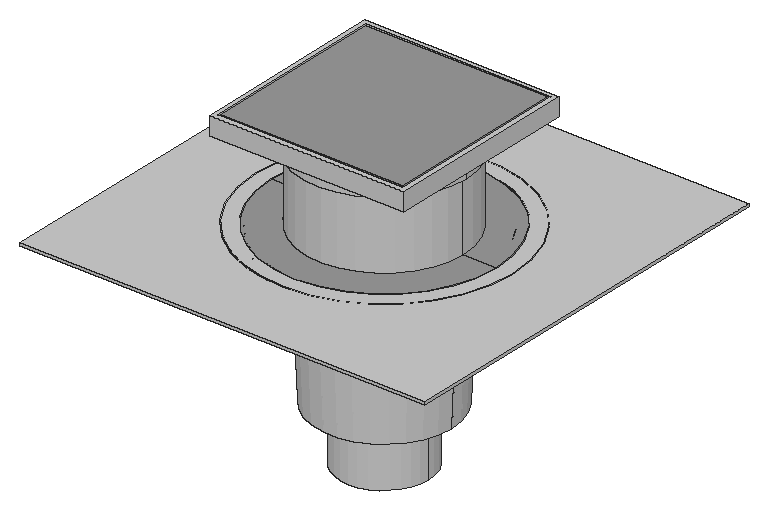
Revit family "HL_Дворовый трап серии Perfekt_HL616HSW", category Instalační zařizovací předměty, Revit 2016
Family settings
  Typ součásti = Normální
  Kóta kulaté spojky = Použít průměr
  Číslo OmniClass = 23.70.50.21.24.14
  Nadpis OmniClass = Deck Waste Water Drains
  Založené na pracovní rovině = Ne
  Vždy vertikální = Ano
  Ořezat dutým tvarem při načtení = Ne
  Sdílené = Ne
  Bod výpočtu místnosti = Ano
Parameters (values of type "HL_Дворовый трап серии Perfekt_HL616HSW_1")
  РЕШЁТКА = "Edelstahl 226 x 226 mm"
  РАЗМЕР = "DN110"
  ПРОПУСКНАЯ СПОСОБНОСТЬ [instance] = 0.0 L/s
  ПРОИЗВОДИТЕЛЬНОСТЬ = "2,1 l/s"
  ПРАВОВАЯ ИНФОРМАЦИЯ = "\"Авторские права(©), права на дизайн или какие либо другие права интелектуальной собственности являются исключительной собственностью компании HL Hutterer & Lechner. Изменению не подлежит. Файл семейства с данными о прозводителе изделия защищен паролем с водяным знаком.\""
  НОМИНАЛЬНЫЙ ДИАМЕТР = 110 mm
  НАСАДКА = "42-130 mm/240 x 240 mm"
  МАТЕРИАЛ = "PP"
  МАКСИМАЛЬНАЯ НАГРУЗКА КЛАССА = "L - 1,5 t"
  ВЫСОТА МОНТАЖА = "239 mm"
  ВЕС = "4,41 kg"
  Výrobce = "HL Hutterer & Lechner GmbH"
  URL = "http://www.hutterer-lechner.com/ru/products/catalog/roof-drains/HL616HSW/1.aspx"
  Материал плитка [instance] = none
  Připojení ventilace = no
  Připojení odpadu = yes
  Připojení HW = no
  Připojení CW = no
  Popis = "Дворовый трап серии Perfekt DN110 вертикальный"
  Model = "HL616HSW/1"
  Assembly Code = " "
  Komentáře k typům = "Дворовый трап серии Perfekt DN110 вертикальный с битумным полотном, 240х240мм ПП/226х226мм нержавеющая сталь с водяным затвором."
  Keynote = "HL616HSW/1"
  IH [instance] = Высота монтажа 1 + Высота монтажа 2  # 130 mm
  Высота монтажа 2 [instance] = 0 mm
  Высота монтажа 1 [instance] = 130 mm
  G [instance] = 180.00°  # constant formula
  EAN = "9003076011599"
  D [instance] = IH + 165 mm  # 295 mm
  C [instance] = if(IH - 68 mm < 0 mm, 0 mm, IH - 68 mm)  # 62 mm
  B [instance] = 100 mm
  A [instance] = if(B - 100 mm > 15 mm, B - 100 mm, 15 mm)  # 15 mm
Types (3, lengths in mm): name | РАЗМЕР | НОМИНАЛЬНЫЙ ДИАМЕТР | ВЕС | URL | Popis | Model | Komentáře k typům | Keynote | EAN
  (no name) | "DN110" | 110 | "4,41 kg" | "http://www.hutterer-lechner.com/en/products/catalog/roof-drains/HL616HSW/1.aspx" | 0 | "HL616HSW/1" | "perfect-drain DN110 vertical with bitumen membrane, 240x240mm plastic/226x226mm stainless steel with trap seal" | "HL616HSW/1" | "9003076011599"
  HL_Дворовый трап серии Perfekt_HL616HSW_1 | "DN110" | 110 | "4,41 kg" | "http://www.hutterer-lechner.com/ru/products/catalog/roof-drains/HL616HSW/1.aspx" | "Дворовый трап серии Perfekt DN110 вертикальный" | "HL616HSW/1" | "Дворовый трап серии Perfekt DN110 вертикальный с битумным полотном, 240х240мм ПП/226х226мм нержавеющая сталь с водяным затвором." | "HL616HSW/1" | "9003076011599"
  HL_Дворовый трап серии Perfekt_HL616HSW_5 | "DN160" | 160 | "4,415 kg" | "http://www.hutterer-lechner.com/ru/products/catalog/roof-drains/HL616HSW/5.aspx" | "Дворовый трап серии Perfekt DN160 вертикальный" | "HL616HSW/5" | "Дворовый трап серии Perfekt DN160 вертикальный с битумным полотном, 240х240мм ПП/226х226мм нержавеющая сталь с водяным затвором." | "HL616HSW/5" | "9003076011629"
Values of the unnamed type that differ from the named types
  ПРАВОВАЯ ИНФОРМАЦИЯ = "\"Copyright (©), design rights or any other intellectual property rights, shall be the exclusive property of HL Hutterer & Lechner GmbH. Modification is not allowed. Family has been watermarked.\""
Reference planes
  plane 1 "Center (Front/Back)": y = 0
  plane 2: z = 0
  plane 3 "Center (Left/Right)": x = 0
  plane 4: z = -100
  plane 5: z = -130
  plane 6: z = -130
Lines and regions (mm)
  model lines, style "InvisibleLines"
    curve 1: line (0, 0, 0) -> (0, 0, 20)
  model lines, style "PlumbingFixtures", detail levels coarse+medium
    curve 2: line (0, 0, -100) -> (0, 0, -85)
    curve 3: line (0, 0, -85) -> (-85, 0, 0)
    curve 4: line (0, 0, -85) -> (85, 0, 0)
    curve 6: line (0, 0, -100) -> (0, 0, -395)
  reference lines, not visible
    curve 5: line (0, 0, -100) -> (0, 0, -395)
  symbolic lines, style "PlumbingFixtures", detail levels coarse+medium
    curve 7: line (-75, 75, 0) -> (75, 75, 0)
    curve 8: line (-75, -75, 0) -> (-75, 75, 0)
    curve 9: line (75, -75, 0) -> (-75, -75, 0)
    curve 10: line (75, 75, 0) -> (75, -75, 0)
    curve 11: line (-75, 75, 0) -> (-145.711, 145.711, 0)
    curve 12: line (75, 75, 0) -> (145.711, 145.711, 0)
    curve 13: line (-75, -75, 0) -> (-145.711, -145.711, 0)
    curve 14: line (75, -75, 0) -> (145.711, -145.711, 0)
  symbolic lines, style "PlumbingFixtures", not visible, detail levels coarse+medium
    curve 15: line (-75, 75, 0) -> (75, 75, 0)
    curve 16: line (-75, -75, 0) -> (-75, 75, 0)
    curve 17: line (75, -75, 0) -> (-75, -75, 0)
    curve 18: line (75, 75, 0) -> (75, -75, 0)
    curve 19: line (-75, 75, 0) -> (-145.711, 145.711, 0)
    curve 20: line (75, 75, 0) -> (145.711, 145.711, 0)
    curve 21: line (-75, -75, 0) -> (-145.711, -145.711, 0)
    curve 22: line (75, -75, 0) -> (145.711, -145.711, 0)
Text (mm)
  text "FLOOR" at (-162.344, 0, -10.979), in view "Слева"
Dimensions and locks
  "B": plane 2 to plane 4
  "IH": plane 2 to plane 5
  "A": curve 4 to plane 4
  "D": curve 5 to curve 5
  "D": curve 6 to curve 6
  "Высота монтажа 1": plane 2 to plane 6
  locked: curve 4 to plane 3 "Center (Left/Right)" (angle 45.00°)
  locked: plane 3 "Center (Left/Right)" to curve 3 (angle 45.00°)
  "G": angle curve 5 to plane 3 "Center (Left/Right)"
  aligned and locked: level to plane 2
  aligned and locked: plane 2 to curve 4
  aligned and locked: plane 2 to curve 3
  aligned and locked: plane 4 to curve 5
  aligned and locked: plane 3 "Center (Left/Right)" to curve 5
  aligned and locked: plane 4 to curve 2
  aligned and locked: plane 3 "Center (Left/Right)" to curve 6
  aligned and locked: plane 4 to curve 6
  aligned and locked: nested 1 to plane 3 "Center (Left/Right)"
  aligned and locked: nested 1 to plane 5
  aligned and locked: plane 3 "Center (Left/Right)" to nested 2
  aligned and locked: plane 2 to nested 2
  aligned and locked: plane 3 "Center (Left/Right)" to nested 3
  aligned and locked: nested 3 to nested 2
  aligned and locked: nested 4 to plane 3 "Center (Left/Right)"
  aligned and locked: nested 1 to nested 4
Automatic sketch dimensions
  curve 2 to plane 3 "Center (Left/Right)" = 0 mm
  curve 1 to plane 3 "Center (Left/Right)" = 0 mm
  curve 1 to level = 0 mm
  curve 1 to curve 1 = 20 mm
Nested families
  nested 1: "HL-кровельные воронки - корпус-HL616KH" at (0, 0, -129.974), type "HL-кровельные воронки - корпус-HL616KH_1"
  nested 2: "HL-Надставные элементы-HL622" at (0, 0, 0), Высота монтажа <- "Высота монтажа 1", type "HL-Надставные элементы-HL622"
    with Высота монтажа 130 mm, a 100 mm, Ihmin 42 mm, Ihmax 130 mm
  nested 3: "HL-Песколовка-HL0606.2E" at (0, 0, -22.999), type "HL-Песколовка-HL0606.2E"
  nested 4: "HL-Вкладыш запахозапирающий-HL0605.2E" at (0, 0, -190.474), type "HL-Вкладыш запахозапирающий-HL0605.2E"
Connectors
  piping at (0, 0, -395), diameter 110, driven by "ПРОПУСКНАЯ СПОСОБНОСТЬ", driven by "НОМИНАЛЬНЫЙ ДИАМЕТР"
    settings: on curve 5, index 1, connector inside diameter 609.6 mm, connector length 0 mm, flow factor 0, pipe flow 0.0 L/s, pressure drop 0.0 Pa, fitting loss kfactor 0, connector angle 0.00°, fixture units 0, engagement length 0 mm, angle of deflection 0.00°, flow configuration 1, flow direction 2, fitting loss method 0, system type 16, joint type 0, gender type 0, connector reference index -1, connector utility 0, adjustable connector yes, is connector primary yes, connector description ""
Definition of nested family "HL-кровельные воронки - корпус-HL616KH"
  Parameters
    РАЗМЕР = ""
    ПРАВОВАЯ ИНФОРМАЦИЯ = ""
    НОМИНАЛЬНЫЙ ДИАМЕТР = 110 mm
    МАТЕРИАЛ = ""
    ВЫСОТА МОНТАЖА = ""
    ВЕС = ""
    a = if(НОМИНАЛЬНЫЙ ДИАМЕТР = 11 mm, 62 mm, 67 mm)  # 67 mm
    Height = 0 mm
    Manufacturer = ""
    URL = ""
    Description = ""
    ND = НОМИНАЛЬНЫЙ ДИАМЕТР / 2  # 55 mm
    Model = ""
    материал 3 = none
    материал 2 = none
    материал = none
    Type Comments = ""
    Keynote = ""
    EAN = ""
    Cost = 0
  Types (3, lengths in mm): name | РАЗМЕР | ПРАВОВАЯ ИНФОРМАЦИЯ | МАТЕРИАЛ | ВЫСОТА МОНТАЖА | ВЕС | Manufacturer | URL | Description | Model | Type Comments | Keynote | EAN
    (no name) | "" | "" | "" | "" | "" | "" | "" | "" | "" | "" | "" | ""
    HL-кровельные воронки - корпус-HL616KH_1 | "DN110" | "\"Авторские права(©), права на дизайн или какие либо другие права интелектуальной собственности являются исключительной собственностью компании HL Hutterer & Lechner. Изменению не подлежит. Файл семейства с данными о прозводителе изделия защищен паролем с водяным знаком.\"" | "PP" | "197 mm" | "1,952 kg" | "HL Hutterer & Lechner GmbH" | "http://www.hutterer-lechner.com/ru/products/catalog/roof-drains/HL616KH/1.aspx" | "Дворовый трап серии Perfekt DN110 вертикальный" | "HL616KH/1" | "Корпус дворового трапа серии Perfekt DN110 вертикальный с битумным полотном." | "HL616KH/1" | "9003076012916"
    HL-кровельные воронки - корпус-HL616KH_5 | "DN160" | "\"Авторские права(©), права на дизайн или какие либо другие права интелектуальной собственности являются исключительной собственностью компании HL Hutterer & Lechner. Изменению не подлежит. Файл семейства с данными о прозводителе изделия защищен паролем с водяным знаком.\"" | "PP" | "197 mm" | "1,945 kg" | "HL Hutterer & Lechner GmbH" | "http://www.hutterer-lechner.com/ru/products/catalog/roof-drains/HL616KH/5.aspx" | "Дворовый трап серии Perfekt DN160 вертикальный" | "HL616KH/5" | "Корпус дворового трапа серии Perfekt DN160 вертикальный с битумным полотном." | "HL616KH/5" | "9003076012930"
  Reference planes
    plane 1 "Střed (vpředu/vzadu)": y = 0
    plane 2: z = 0
    plane 3 "Střed (vlevo/vpravo)": x = 0
    plane 4: z = -198
  Forms (mm)
    Revolve 1, solid, material <- "материал", detail levels fine
      sketch origin (0, 0, 0) x (1, 0, 0) y (0, 0, 1)
        loop
          line (158.746, -0.026) -> (145.781, -3.5) -> (135.781, -3.5) -> (134.096, -9.367) -> (127.541, -9.367) -> (127.541, -3.5) -> (99.151, -3.5) -> (99.151, -25.5) -> (90, -25.5) -> (90, -60.5) -> (85.551, -60.5) -> (79.463, -194) -> (51.105, -194) -> (51.105, -198) -> (83.393, -198) -> (89.481, -64.5) -> (94.013, -64.5) -> (94.013, -34.2) -> (103.091, -34.2) -> (103.091, -12.303) -> (134.671, -12.303)
          arc (134.671, -12.303) -> (136.701, -11.463) -> (137.542, -9.433) r 2.871
          line (137.542, -9.433) -> (137.542, -6.409) -> (146.262, -6.409) -> (158.746, -3.064) -> (158.746, -0.026)
        axis (0, -198) -> (0, -0.026)
      angle from 0 to 360
    Revolve 2, solid, material <- "материал", detail levels fine
      sketch origin (0, 0, 0) x (1, 0, 0) y (0, 0, 1)
        loop
          line (0, -198) -> (0, -265) -> (55, -265) -> (55, -198) -> (0, -198)
        axis (0, -198) -> (0, -265)
      angle from 0 to 360
    Extrusion 3, solid, detail levels fine
      sketch origin (0, 0, 0) x (1, 0, 0) y (0, 1, 0)
        loop
          line (250, 250) -> (-250, 250) -> (-250, -250) -> (250, -250) -> (250, 250)
        loop
          circle (0, 0) r 140
      from -3.5 to -0.026
    Revolve 4, solid, material <- "материал 2", detail levels fine
      sketch origin (0, 0, 0) x (1, 0, 0) y (0, 0, 1)
        loop
          line (-98.482, -0.026) -> (-139.232, -0.026) -> (-139.232, -3.064) -> (-98.482, -3.064) -> (-98.482, -0.026)
        axis (0, -3.064) -> (0, -0.026)
      angle from 0 to 360
  Dimensions and locks
    locked: plane 2 to plane 4 at 198
    "ND": Revolve 2 sketch curve to plane 3 "Střed (vlevo/vpravo)"
    "a": plane 4 to Revolve 2 sketch curve
    aligned and locked: level to plane 2
  Automatic sketch dimensions
    Revolve 1 sketch curve to plane 3 "Střed (vlevo/vpravo)" = 0 mm
    Revolve 1 sketch curve to plane 4 = 0 mm
    plane 4 to Revolve 1 sketch curve = 4 mm
    plane 3 "Střed (vlevo/vpravo)" to Revolve 1 sketch curve = 51.105 mm
    Revolve 1 sketch curve to Revolve 1 sketch curve = 28.358 mm
    Revolve 1 sketch curve to Revolve 1 sketch curve = 3.93 mm  (x2)
    plane 3 "Střed (vlevo/vpravo)" to Revolve 1 sketch curve = 85.551 mm
    Revolve 1 sketch curve to Revolve 1 sketch curve = 0.519 mm
    Revolve 1 sketch curve to Revolve 1 sketch curve = 4.013 mm
    Revolve 1 sketch curve to level = 3.5 mm  (x2)
    Revolve 1 sketch curve to Revolve 1 sketch curve = 9.151 mm
    Revolve 1 sketch curve to Revolve 1 sketch curve = 3.941 mm
    Revolve 1 sketch curve to Revolve 1 sketch curve = 24.449 mm
    Revolve 1 sketch curve to Revolve 1 sketch curve = 6.555 mm
    Revolve 1 sketch curve to Revolve 1 sketch curve = 0.575 mm
    Revolve 1 sketch curve to Revolve 1 sketch curve = 1.11 mm
    Revolve 1 sketch curve to Revolve 1 sketch curve = 1.761 mm
    Revolve 1 sketch curve to Revolve 1 sketch curve = 8.239 mm
    Revolve 1 sketch curve to Revolve 1 sketch curve = 0.481 mm
    Revolve 1 sketch curve to level = 0.026 mm
    Revolve 1 sketch curve to Revolve 1 sketch curve = 12.965 mm
    Revolve 1 sketch curve to Revolve 1 sketch curve = 61 mm
    Revolve 1 sketch curve to Revolve 1 sketch curve = 4 mm
    Revolve 1 sketch curve to Revolve 1 sketch curve = 26.3 mm
    Revolve 1 sketch curve to Revolve 1 sketch curve = 8.7 mm
    Revolve 1 sketch curve to Revolve 1 sketch curve = 8.804 mm
    Revolve 1 sketch curve to Revolve 1 sketch curve = 0.066 mm
    Revolve 1 sketch curve to Revolve 1 sketch curve = 3.024 mm
    Revolve 1 sketch curve to Revolve 1 sketch curve = 3.038 mm
    level to Revolve 1 sketch curve = 9.5 mm
    Revolve 1 sketch curve to Revolve 1 sketch curve = 50 mm
    Revolve 4 sketch curve to plane 3 "Střed (vlevo/vpravo)" = 0 mm
    Revolve 4 sketch curve to level = 0.026 mm
    Revolve 4 sketch curve to plane 3 "Střed (vlevo/vpravo)" = 98.482 mm
    Revolve 4 sketch curve to Revolve 4 sketch curve = 40.749 mm
    Revolve 4 sketch curve to Revolve 4 sketch curve = 3.038 mm
    level to Revolve 4 sketch curve = 24.974 mm
    Revolve 4 sketch curve to Revolve 4 sketch curve = 22.61 mm
    plane 1 "Střed (vpředu/vzadu)" to Extrusion 3 sketch curve = 0 mm
    Extrusion 3 sketch curve to plane 3 "Střed (vlevo/vpravo)" = 0 mm
    Extrusion 3 sketch curve to plane 3 "Střed (vlevo/vpravo)" = 250 mm
    plane 3 "Střed (vlevo/vpravo)" to Extrusion 3 sketch curve = 250 mm
    plane 1 "Střed (vpředu/vzadu)" to Extrusion 3 sketch curve = 250 mm
    Extrusion 3 sketch curve to plane 1 "Střed (vpředu/vzadu)" = 250 mm
    Revolve 2 sketch curve to plane 3 "Střed (vlevo/vpravo)" = 0 mm  (x2)
    Revolve 2 sketch curve to plane 4 = 0 mm
    Revolve 2 sketch curve to Revolve 2 sketch curve = 15 mm
    Revolve 2 sketch curve to Revolve 2 sketch curve = 25 mm
    radius of Extrusion 3 sketch curve = 140 mm
Definition of nested family "HL-Надставные элементы-HL622"
  Parameters
    РЕШЁТКА = ""
    РАЗМЕР = ""
    ПРАВОВАЯ ИНФОРМАЦИЯ = ""
    НАСАДКА = ""
    МАТЕРИАЛ = ""
    МАКСИМАЛЬНАЯ НАГРУЗКА КЛАССА = ""
    ВЫСОТА МОНТАЖА = ""
    ВЕС = ""
    a [instance] = if(Высота монтажа < Ihmin, -10 mm, if(Высота монтажа > Ihmax, -10 mm, Высота монтажа - 30 mm))  # 100 mm
    Manufacturer = ""
    URL = ""
    Description = ""
    Model = ""
    материал 2 = none
    материал = none
    Type Comments = ""
    Keynote = ""
    Высота монтажа [instance] = 130 mm
    Ihmin [instance] = 42 mm
    Ihmax [instance] = 130 mm
    EAN = ""
    Cost = 0
  Types (2, lengths in mm): name | РЕШЁТКА | РАЗМЕР | ПРАВОВАЯ ИНФОРМАЦИЯ | НАСАДКА | МАТЕРИАЛ | МАКСИМАЛЬНАЯ НАГРУЗКА КЛАССА | ВЫСОТА МОНТАЖА | ВЕС | Manufacturer | URL | Description | Model | Type Comments | Keynote | EAN
    (no name) | "" | "" | "" | "" | "" | "" | "" | "" | "" | "" | "" | "" | "" | "" | ""
    HL-Надставные элементы-HL622 | "Edelstahl 226x226mm" | "d 195mm" | "\"Авторские права(©), права на дизайн или какие либо другие права интелектуальной собственности являются исключительной собственностью компании HL Hutterer & Lechner. Изменению не подлежит. Файл семейства с данными о прозводителе изделия защищен паролем с водяным знаком.\"" | "240x240mm" | "PP, Edelstahl (V2A)" | "L - 1,5 t" | "144 mm" | "2,22 [kg]" | "HL Hutterer & Lechner GmbH" | "http://www.hutterer-lechner.com/ru/products/catalog/roof-drains/HL622.aspx" | "Надставные элементы" | "HL622" | "Насадка d 195мм/240х240мм/226х226мм высококачественная сталь" | "HL622" | "9003076014705"
  Reference planes
    plane 1 "Střed (vpředu/vzadu)": y = 0
    plane 2: z = 0
    plane 3 "Střed (vlevo/vpravo)": x = 0
    plane 4: z = -45
    plane 5: z = -145
  Forms (mm)
    Extrusion 1, solid, material <- "материал", detail levels fine
      sketch origin (0, 0, 0) x (1, 0, 0) y (0, 1, 0)
        loop
          line (-112.5, 112.5) -> (-112.5, -112.5) -> (112.5, -112.5) -> (112.5, 112.5) -> (-112.5, 112.5)
      from 0 to -20
    Extrusion 2, solid, material <- "материал 2", detail levels fine
      sketch origin (0, 0, 0) x (1, 0, 0) y (0, 1, 0)
        loop
          line (114.5, -114.5) -> (114.5, 114.5) -> (-114.5, 114.5) -> (-114.5, -114.5) -> (114.5, -114.5)
        loop
          line (-120, 120) -> (-120, -120) -> (120, -120) -> (120, 120) -> (-120, 120)
      from 0 to -20
    Extrusion 3, solid, material <- "материал 2", detail levels fine
      sketch origin (0, 0, 0) x (1, 0, 0) y (0, 1, 0)
        loop
          line (120, -120) -> (120, 120) -> (-120, 120) -> (-120, -120) -> (120, -120)
      from -20 to -23
    Revolve 4, solid, material <- "материал 2", detail levels fine
      sketch origin (0, 0, 0) x (1, 0, 0) y (0, 0, 1)
        loop
          line (0, -23) -> (-101.5, -23) -> (-101.5, -45) -> (0, -45) -> (0, -23)
        axis (0, -45) -> (0, -23)
      angle from 0 to 360
    Revolve 5, solid, material <- "материал 2", detail levels fine
      sketch origin (0, 0, 0) x (1, 0, 0) y (0, 0, 1)
        loop
          line (0, -45) -> (0, -145) -> (97.213, -145) -> (97.213, -45) -> (0, -45)
        axis (0, -45) -> (0, -145)
      angle from 0 to 360
  Cuts and joins
    joined: Extrusion 2, Extrusion 3
  Lines and regions (mm)
    model lines, detail levels fine
      curve 1: line (10.96, 46.315, 0) -> (45.608, 80.964, 0)
      curve 2: line (56.215, 70.357, 0) -> (21.567, 35.709, 0)
      curve 3: line (35.709, 21.567, 0) -> (70.357, 56.215, 0)
      curve 4: line (80.964, 45.608, 0) -> (46.315, 10.96, 0)
      curve 5: line (92, 7.5, 0) -> (72.5, 7.5, 0)
      curve 6: line (92, -7.5, 0) -> (72.5, -7.5, 0)
      curve 7: arc (92, -7.5, 0) -> (99.5, 0, 0) -> (92, 7.5, 0) r 7.5
      curve 8: arc (72.5, -7.5, 0) -> (65, 0, 0) -> (72.5, 7.5, 0) r 7.5
      curve 9: arc (80.964, 45.608, 0) -> (80.964, 56.215, 0) -> (70.357, 56.215, 0) r 7.5
      curve 10: arc (56.215, 70.357, 0) -> (56.215, 80.964, 0) -> (45.608, 80.964, 0) r 7.5
      curve 11: arc (21.567, 35.709, 0) -> (10.96, 35.709, 0) -> (10.96, 46.315, 0) r 7.5
      curve 12: arc (46.315, 10.96, 0) -> (35.709, 10.96, 0) -> (35.709, 21.567, 0) r 7.5
      curve 13: line (7.5, 92, 0) -> (7.5, 72.5, 0)
      curve 14: line (-7.5, 92, 0) -> (-7.5, 72.5, 0)
      curve 15: arc (-7.5, 92, 0) -> (0, 99.5, 0) -> (7.5, 92, 0) r 7.5
      curve 16: arc (-7.5, 72.5, 0) -> (0, 65, 0) -> (7.5, 72.5, 0) r 7.5
      curve 17: line (7.5, -92, 0) -> (7.5, -72.5, 0)
      curve 18: line (-7.5, -92, 0) -> (-7.5, -72.5, 0)
      curve 19: arc (-7.5, -92, 0) -> (0, -99.5, 0) -> (7.5, -92, 0) r 7.5
      curve 20: arc (-7.5, -72.5, 0) -> (0, -65, 0) -> (7.5, -72.5, 0) r 7.5
      curve 21: line (92, -7.5, 0) -> (72.5, -7.5, 0)
      curve 22: line (92, 7.5, 0) -> (72.5, 7.5, 0)
      curve 23: arc (92, 7.5, 0) -> (99.5, 0, 0) -> (92, -7.5, 0) r 7.5
      curve 24: arc (72.5, 7.5, 0) -> (65, 0, 0) -> (72.5, -7.5, 0) r 7.5
      curve 25: line (-92, -7.5, 0) -> (-72.5, -7.5, 0)
      curve 26: arc (-92, -7.5, 0) -> (-99.5, 0, 0) -> (-92, 7.5, 0) r 7.5
      curve 27: arc (-72.5, -7.5, 0) -> (-65, 0, 0) -> (-72.5, 7.5, 0) r 7.5
      curve 28: line (-92, -7.5, 0) -> (-72.5, -7.5, 0)
      curve 29: line (-92, 7.5, 0) -> (-72.5, 7.5, 0)
      curve 30: arc (-92, 7.5, 0) -> (-99.5, 0, 0) -> (-92, -7.5, 0) r 7.5
      curve 31: arc (-72.5, 7.5, 0) -> (-65, 0, 0) -> (-72.5, -7.5, 0) r 7.5
      curve 32: line (-10.96, 46.315, 0) -> (-45.608, 80.964, 0)
      curve 33: line (-56.215, 70.357, 0) -> (-21.567, 35.709, 0)
      curve 34: line (-35.709, 21.567, 0) -> (-70.357, 56.215, 0)
      curve 35: line (-80.964, 45.608, 0) -> (-46.315, 10.96, 0)
      curve 36: arc (-80.964, 45.608, 0) -> (-80.964, 56.215, 0) -> (-70.357, 56.215, 0) r 7.5
      curve 37: arc (-56.215, 70.357, 0) -> (-56.215, 80.964, 0) -> (-45.608, 80.964, 0) r 7.5
      curve 38: arc (-21.567, 35.709, 0) -> (-10.96, 35.709, 0) -> (-10.96, 46.315, 0) r 7.5
      curve 39: arc (-46.315, 10.96, 0) -> (-35.709, 10.96, 0) -> (-35.709, 21.567, 0) r 7.5
      curve 40: line (10.96, -46.315, 0) -> (45.608, -80.964, 0)
      curve 41: line (56.215, -70.357, 0) -> (21.567, -35.709, 0)
      curve 42: line (35.709, -21.567, 0) -> (70.357, -56.215, 0)
      curve 43: line (80.964, -45.608, 0) -> (46.315, -10.96, 0)
      curve 44: arc (80.964, -45.608, 0) -> (80.964, -56.215, 0) -> (70.357, -56.215, 0) r 7.5
      curve 45: arc (56.215, -70.357, 0) -> (56.215, -80.964, 0) -> (45.608, -80.964, 0) r 7.5
      curve 46: arc (21.567, -35.709, 0) -> (10.96, -35.709, 0) -> (10.96, -46.315, 0) r 7.5
      curve 47: arc (46.315, -10.96, 0) -> (35.709, -10.96, 0) -> (35.709, -21.567, 0) r 7.5
      curve 48: line (-10.96, -46.315, 0) -> (-45.608, -80.964, 0)
      curve 49: line (-56.215, -70.357, 0) -> (-21.567, -35.709, 0)
      curve 50: line (-35.709, -21.567, 0) -> (-70.357, -56.215, 0)
      curve 51: line (-80.964, -45.608, 0) -> (-46.315, -10.96, 0)
      curve 52: arc (-80.964, -45.608, 0) -> (-80.964, -56.215, 0) -> (-70.357, -56.215, 0) r 7.5
      curve 53: arc (-56.215, -70.357, 0) -> (-56.215, -80.964, 0) -> (-45.608, -80.964, 0) r 7.5
      curve 54: arc (-21.567, -35.709, 0) -> (-10.96, -35.709, 0) -> (-10.96, -46.315, 0) r 7.5
      curve 55: arc (-46.315, -10.96, 0) -> (-35.709, -10.96, 0) -> (-35.709, -21.567, 0) r 7.5
  Dimensions and locks
    plane 2 to plane 4 = 45 mm
    "a": plane 4 to Revolve 5 sketch curve
    plane 2 to plane 5 = 145 mm
    aligned and locked: level to plane 2
    aligned and locked: plane 4 to Revolve 5 sketch curve
  Automatic sketch dimensions
    curve 7 to curve 23 = 0 mm  (x2)
    curve 8 to curve 24 = 0 mm  (x2)
    curve 26 to curve 30 = 0 mm  (x2)
    curve 27 to curve 31 = 0 mm  (x2)
    plane 1 "Střed (vpředu/vzadu)" to curve 26 = 0 mm
    curve 16 to plane 3 "Střed (vlevo/vpravo)" = 0 mm
    curve 20 to plane 3 "Střed (vlevo/vpravo)" = 0 mm
    plane 1 "Střed (vpředu/vzadu)" to curve 24 = 0 mm
    curve 18 to plane 3 "Střed (vlevo/vpravo)" = 7.5 mm
    curve 14 to plane 3 "Střed (vlevo/vpravo)" = 7.5 mm
    curve 32 to plane 3 "Střed (vlevo/vpravo)" = 10.96 mm
    curve 48 to plane 3 "Střed (vlevo/vpravo)" = 10.96 mm
    curve 54 to curve 54 = 5.303 mm  (x2)
    curve 38 to curve 38 = 5.303 mm  (x2)
    curve 49 to curve 54 = 5.303 mm
    curve 33 to curve 38 = 5.303 mm
    curve 34 to curve 33 = 14.142 mm
    curve 50 to curve 49 = 14.142 mm
    curve 39 to curve 34 = 5.303 mm
    curve 55 to curve 50 = 5.303 mm
    curve 48 to curve 20 = 38.108 mm
    curve 32 to curve 14 = 38.108 mm
    curve 35 to plane 1 "Střed (vpředu/vzadu)" = 10.96 mm
    curve 35 to curve 39 = 5.303 mm
    plane 1 "Střed (vpředu/vzadu)" to curve 51 = 10.96 mm
    curve 51 to curve 55 = 5.303 mm
    curve 53 to curve 48 = 5.303 mm
    curve 37 to curve 32 = 5.303 mm
    curve 49 to curve 53 = 5.303 mm
    curve 33 to curve 37 = 5.303 mm  (x2)
    curve 34 to curve 37 = 14.142 mm
    curve 50 to curve 53 = 14.142 mm
    curve 27 to curve 39 = 26.185 mm
    curve 36 to curve 34 = 5.303 mm
    curve 52 to curve 50 = 5.303 mm
    curve 35 to plane 1 "Střed (vpředu/vzadu)" = 45.608 mm
    curve 35 to curve 36 = 5.303 mm  (x2)
    plane 1 "Střed (vpředu/vzadu)" to curve 51 = 45.608 mm
    curve 51 to curve 52 = 5.303 mm
    plane 1 "Střed (vpředu/vzadu)" to curve 28 = 7.5 mm
    curve 28 to curve 25 = 19.5 mm
    plane 3 "Střed (vlevo/vpravo)" to curve 1 = 10.96 mm
    plane 3 "Střed (vlevo/vpravo)" to curve 40 = 10.96 mm
    curve 11 to curve 11 = 5.303 mm
    curve 46 to curve 46 = 5.303 mm  (x2)
    curve 11 to curve 2 = 5.303 mm
    curve 46 to curve 41 = 5.303 mm
    curve 2 to curve 3 = 14.142 mm
    curve 41 to curve 42 = 14.142 mm  (x3)
    curve 42 to curve 47 = 5.303 mm
    curve 3 to curve 12 = 5.303 mm
    curve 13 to curve 1 = 38.108 mm
    curve 17 to curve 40 = 38.108 mm
    plane 1 "Střed (vpředu/vzadu)" to curve 43 = 10.96 mm
    curve 47 to curve 43 = 5.303 mm
    curve 4 to plane 1 "Střed (vpředu/vzadu)" = 10.96 mm
    curve 12 to curve 4 = 5.303 mm
    curve 1 to curve 10 = 5.303 mm
    curve 40 to curve 45 = 5.303 mm
    curve 45 to curve 41 = 5.303 mm  (x2)
    curve 10 to curve 2 = 5.303 mm
    curve 10 to curve 3 = 14.142 mm
    curve 43 to curve 24 = 26.185 mm
    curve 42 to curve 44 = 5.303 mm
    curve 3 to curve 9 = 5.303 mm
    plane 1 "Střed (vpředu/vzadu)" to curve 43 = 45.608 mm
    curve 44 to curve 43 = 5.303 mm
    curve 4 to plane 1 "Střed (vpředu/vzadu)" = 45.608 mm
    curve 9 to curve 4 = 5.303 mm
    curve 5 to plane 1 "Střed (vpředu/vzadu)" = 7.5 mm
    curve 22 to curve 5 = 19.5 mm
    plane 1 "Střed (vpředu/vzadu)" to curve 48 = 46.315 mm
    curve 48 to curve 40 = 0 mm
    curve 52 to curve 52 = 5.303 mm
    curve 44 to curve 44 = 5.303 mm
    curve 49 to curve 50 = 14.142 mm
    curve 17 to curve 40 = 26.185 mm
    curve 53 to curve 49 = 5.303 mm
    curve 17 to curve 20 = 19.5 mm
    curve 42 to curve 47 = 10.607 mm
    curve 50 to curve 51 = 10.607 mm
    curve 4 to curve 12 = 5.303 mm
    curve 39 to curve 39 = 5.303 mm
    curve 39 to curve 33 = 14.142 mm
    curve 12 to curve 2 = 14.142 mm
    curve 2 to curve 11 = 5.303 mm
    curve 9 to curve 9 = 5.303 mm
    curve 3 to curve 2 = 14.142 mm
    curve 36 to curve 33 = 14.142 mm
    curve 11 to curve 13 = 26.185 mm
    curve 2 to curve 10 = 5.303 mm
    curve 14 to curve 14 = 19.5 mm
    Extrusion 1 sketch curve to plane 3 "Střed (vlevo/vpravo)" = 112.5 mm
    plane 3 "Střed (vlevo/vpravo)" to Extrusion 1 sketch curve = 112.5 mm
    plane 1 "Střed (vpředu/vzadu)" to Extrusion 1 sketch curve = 112.5 mm
    Extrusion 1 sketch curve to plane 1 "Střed (vpředu/vzadu)" = 112.5 mm
    Extrusion 2 sketch curve to plane 3 "Střed (vlevo/vpravo)" = 120 mm
    Extrusion 2 sketch curve to Extrusion 2 sketch curve = 5.5 mm  (x4)
    plane 3 "Střed (vlevo/vpravo)" to Extrusion 2 sketch curve = 114.5 mm
    plane 1 "Střed (vpředu/vzadu)" to Extrusion 2 sketch curve = 120 mm
    Extrusion 2 sketch curve to plane 1 "Střed (vpředu/vzadu)" = 114.5 mm
    Extrusion 3 sketch curve to plane 3 "Střed (vlevo/vpravo)" = 120 mm
    plane 3 "Střed (vlevo/vpravo)" to Extrusion 3 sketch curve = 120 mm
    plane 1 "Střed (vpředu/vzadu)" to Extrusion 3 sketch curve = 120 mm
    Extrusion 3 sketch curve to plane 1 "Střed (vpředu/vzadu)" = 120 mm
    Revolve 4 sketch curve to plane 4 = 0 mm
    Revolve 4 sketch curve to plane 3 "Střed (vlevo/vpravo)" = 0 mm  (x2)
    plane 4 to Revolve 4 sketch curve = 22 mm
    Revolve 4 sketch curve to plane 3 "Střed (vlevo/vpravo)" = 101.5 mm
    level to Revolve 4 sketch curve = 32 mm
    Revolve 4 sketch curve to Revolve 4 sketch curve = 90 mm
    Revolve 5 sketch curve to plane 3 "Střed (vlevo/vpravo)" = 0 mm  (x2)
    plane 3 "Střed (vlevo/vpravo)" to Revolve 5 sketch curve = 97.213 mm
    Revolve 5 sketch curve to plane 5 = 38.999 mm
    Revolve 5 sketch curve to Revolve 5 sketch curve = 52 mm
Definition of nested family "HL-Песколовка-HL0606.2E"
  Parameters (values of type "HL-Песколовка-HL0606.2E")
    ПРАВОВАЯ ИНФОРМАЦИЯ = "\"Авторские права(©), права на дизайн или какие либо другие права интелектуальной собственности являются исключительной собственностью компании HL Hutterer & Lechner. Изменению не подлежит. Файл семейства с данными о прозводителе изделия защищен паролем с водяным знаком.\""
    МАТЕРИАЛ = "PP"
    ВЕС = "0,09 kg"
    Manufacturer = "HL Hutterer & Lechner GmbH"
    URL = "http://www.hutterer-lechner.com/ru/products/catalog/roof-drains/HL0606.2E.aspx"
    Description = "Песколовка"
    Model = "HL0606.2E"
    материал = none
    Type Comments = "Песколовка"
    Keynote = "HL0606.2E"
    EAN = "9003076060627"
    Cost = 0
  Values of the unnamed type that differ from the named types
    ПРАВОВАЯ ИНФОРМАЦИЯ = ""
    МАТЕРИАЛ = ""
    ВЕС = ""
    Manufacturer = ""
    URL = ""
    Description = ""
    Model = ""
    Type Comments = ""
    Keynote = ""
    EAN = ""
  Reference planes
    plane 1 "Střed (vpředu/vzadu)": y = 0
    plane 2: z = 0
    plane 3 "Střed (vlevo/vpravo)": x = 0
  Forms (mm)
    Revolve 1, solid, material <- "материал", detail levels fine
      sketch origin (0, 0, 0) x (1, 0, 0) y (0, 0, 1)
        loop
          line (0, -55.952) -> (0, -58.018) -> (57.601, -56.006)
          arc (57.601, -56.006) -> (65.932, -53.053) -> (69.532, -44.98) r 11.208
          line (69.532, -44.98) -> (72.482, -41.586) -> (75.031, -12.448) -> (75.865, -6.515)
          arc (75.865, -6.515) -> (76.428, -5.156) -> (77.786, -4.594) r 1.921
          line (77.786, -4.594) -> (95.979, -3.002) -> (95.979, -0.001) -> (73.246, -1.99) -> (69.436, -41.391) -> (67.501, -43.326)
          arc (67.501, -43.326) -> (65.111, -51.02) -> (57.603, -53.94) r 9.273
          line (57.603, -53.94) -> (0, -55.952)
        axis (0, -58.018) -> (0, -0.001)
      angle from 0 to 360
  Dimensions and locks
    aligned and locked: level to plane 2
Definition of nested family "HL-Вкладыш запахозапирающий-HL0605.2E"
  Parameters
    ПРАВОВАЯ ИНФОРМАЦИЯ = ""
    МАТЕРИАЛ = ""
    ВЕС = ""
    Manufacturer = ""
    URL = ""
    Description = ""
    Model = ""
    материал 2 = none
    материал = none
    Type Comments = ""
    Keynote = ""
    EAN = ""
    Cost = 0
  Types (2, lengths in mm): name | ПРАВОВАЯ ИНФОРМАЦИЯ | МАТЕРИАЛ | ВЕС | Manufacturer | URL | Description | Model | Type Comments | Keynote | EAN
    (no name) | "" | "" | "" | "" | "" | "" | "" | "" | "" | ""
    HL-Вкладыш запахозапирающий-HL0605.2E | "\"Авторские права(©), права на дизайн или какие либо другие права интелектуальной собственности являются исключительной собственностью компании HL Hutterer & Lechner. Изменению не подлежит. Файл семейства с данными о прозводителе изделия защищен паролем с водяным знаком.\"" | "PP" | "0,192 kg" | "HL Hutterer & Lechner GmbH" | "http://www.hutterer-lechner.com/ru/products/catalog/roof-drains/HL0605.2E.aspx" | "Вкладыш запахозапирающий" | "HL0605.2E" | "Вкладыш водяного затвора комплектный" | "HL0605.2E" | "9003076009725"
  Reference planes
    plane 1 "Střed (vpředu/vzadu)": y = 0
    plane 2: z = 0
    plane 3 "Střed (vlevo/vpravo)": x = 0
  Forms (mm)
    Revolve 1, solid, material <- "материал 2", detail levels fine
      sketch origin (0, 0, 0) x (1, 0, 0) y (0, 0, 1)
        loop
          line (88, -3) -> (88, 0) -> (82.921, 0) -> (82.921, -1.338) -> (78.867, -6.169) -> (78.867, -19.629) -> (76.315, -48.796)
          arc (76.315, -48.796) -> (75.558, -51.125) -> (73.796, -52.827) r 5.066
          line (73.796, -52.827) -> (58.029, -61.938) -> (58.029, -93.034) -> (53.399, -98) -> (41.859, -98) -> (41.859, -83.043) -> (45.35, -83.043) -> (45.35, -33) -> (29.878, -33) -> (29.878, -100) -> (52.94, -100)
          arc (52.94, -100) -> (57.932, -97.932) -> (60, -92.939) r 7.061
          line (60, -92.939) -> (60, -65.894)
          arc (60, -65.894) -> (60.671, -63.394) -> (62.5, -61.564) r 5.003
          line (62.5, -61.564) -> (74.706, -54.511)
          arc (74.706, -54.511) -> (77.106, -52.212) -> (78.174, -49.065) r 6.994
          line (78.174, -49.065) -> (81.088, -15.754) -> (83.996, -15.499) -> (83.996, -12.378)
          arc (83.996, -12.378) -> (85.775, -10) -> (83.996, -7.623) r 2.478
          line (83.996, -7.623) -> (83.996, -3) -> (88, -3)
        axis (0, 0) -> (0, -100)
      angle from 0 to 360
    Revolve 2, solid, material <- "материал", detail levels fine
      sketch origin (0, 0, 0) x (1, 0, 0) y (0, 0, 1)
        loop
          line (47.229, -83.043) -> (47.229, -28.043)
          arc (47.229, -28.043) -> (43.63, -19.353) -> (34.94, -15.754) r 12.289
          line (34.94, -15.754) -> (0, -15.754) -> (0, -48.796) -> (45.35, -48.796) -> (45.35, -83.043) -> (47.229, -83.043)
        axis (0, -83.043) -> (0, -15.754)
      angle from 0 to 360
  Dimensions and locks
    aligned and locked: level to plane 2
